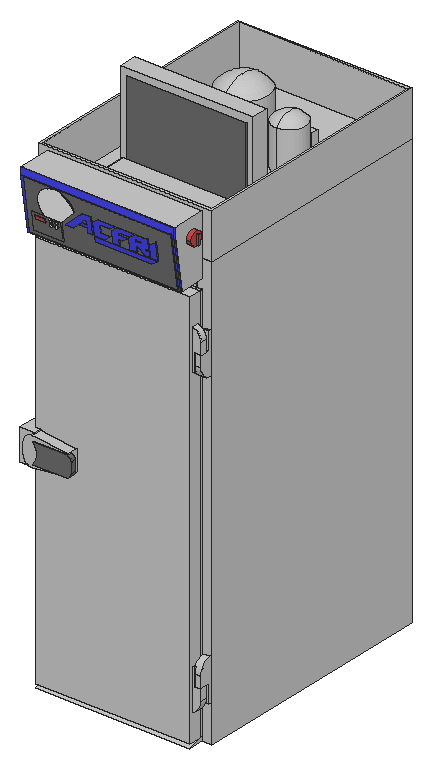
Revit family "QF_ACFRI_AR80-HRUC_AR80-HRUC_CU-RL.190709093255", category Specialty Equipment, Revit 2016
Family settings
  Part Type = Normal
  Round Connector Dimension = Use Diameter
  OmniClass Number = 23.40.40.14
  OmniClass Title = Food Service Equipment
  Work Plane-Based = No
  Always vertical = Yes
  Cut with Voids When Loaded = No
  Shared = No
  Room Calculation Point = No
Parameters (values of type "AR80-HRUC_400V/0Ph/50Hz")
  URL catalogue = ""
  URL = "www.acfri.com"
  Type de Raccord Electrique [instance] = ""
  Type article [instance] = ""
  Tension_AR80-HRUC_CU-RL [instance] = 400 V
  Tension = 400 V
  Status [instance] = ""
  Spécification technique = ""
  Spécification du Fabricant [instance] = ""
  Spécification de l'Utilisateur [instance] = ""
  SMACNA No spécifique pour les matériaux  Etats Unis = ""
  Quantité par lot [instance] = no
  Puissance électrique  = 5635 W
  Puissance en CV = ""
  Puissance Apparente = 5635 VA
  Protection de l'Appareil = 0 A
  Profondeur hors tout = 1145 mm
  Poids net à vide = 0.00 kg
  Phase = 1
  Numéro de Série = ""
  Nombres de Pôles_AR80-HRUC_CU-RL [instance] = 1
  Nombres de Pôles = 1
  Nombre d'identification NAFEM = ""
  Model = "AR80-HRUC"
  Manufacturer = "ACFRI"
  Longueur hors tout = 795 mm
  Intensité nominale courant electrique = 15 A
  Installé Par [instance] = ""
  Identifiant Equipement [instance] = no
  Hauteur hors tout = 2360 mm
  Hauteur de Raccordement du Sol Finis [instance] = 50 mm
  Hauteur de Raccordement du Sol Brut [instance] = 0 mm
  Fréquence = 50 Hz
  Fournis Par [instance] = ""
  Description = "CELLULE SÉRIE COMPACT À CHARIOT REFROIDISSEMENT RAPIDE, GROUPE À AIR BASIC MONTÉ"
  Câble de connexion à l'appareil inclus = no
  Cost = 0
  Consommation d'énergie minimale = 0 A
  Connexion prise électrique  = ""
  Code de Révision [instance] = ""
  Classification dans le projet = ""
  Classement sismique = ""
  Accessoires = no
Reference planes
  plane 1 "Centre (avant/arrière)": y = 0
  plane 2: z = 0
  plane 3 "Centre (gauche/droite)": x = 0
Forms (mm)
  Extrusion 1, solid, not visible
    sketch origin (49, -2, 49) x (1, 0, 0) y (0, 1, 0)
      loop
        line (0, 0) -> (2, 0) -> (2, 2) -> (0, 2) -> (0, 0)
    from 0 to 2
  Extrusion 2, solid, not visible
    sketch origin (-1, -2, -1) x (1, 0, 0) y (0, 1, 0)
      loop
        line (0, 0) -> (2, 0) -> (2, 2) -> (0, 2) -> (0, 0)
    from 0 to 2
Dimensions and locks
  aligned and locked: level to plane 2
Nested families
  nested 1: "QF_ACFRI_AR80-HRUC_400V_0Ph_50Hz" at (0, 0, 0), type "AR80-HRUC_400V/0Ph/50Hz"
    with Show Logo yes, Show Clearance yes
  nested 2: "QF_ACFRI_AR80-HRUC_DOOR_RX" at (0, 0, 0), type "AR80-HRUC_DOOR_RX"
    with Show Logo yes, Show Clearance yes
  nested 3: "QF_ACFRI_AR80-HRUC_COVER" at (0, 0, 0), type "AR80-HRUC_COVER"
    with Show Logo yes, Show Clearance yes
  nested 4: "QF_ACFRI_AR80-HRUC_CU-RL_400V_0Ph_50Hz" at (0, 0, 0), type "AR80-HRUC_CU-RL_400V/0Ph/50Hz"
    with Show Logo yes, Show Clearance yes
Connectors
  electrical at (50, 0, 50), driven by "Puissance Apparente", driven by "Nombres de Pôles", driven by "Tension"
    settings: on Extrusion 1, index 1, voltage 400 V, apparent load 0 VA, apparent load phase1 5635 VA, apparent load phase2 0 VA, apparent load phase3 0 VA, power factor 1, load classification "Other", number of poles 1, system type 31, power factor state 1, is connector primary yes, connector utility no, sub classification motor no, connector description "Electric connection for 'AR80-HRUC'"
  electrical at (0, 0, 0), driven by "Nombres de Pôles_AR80-HRUC_CU-RL", driven by "Tension_AR80-HRUC_CU-RL"
    settings: on Extrusion 2, index 2, voltage 400 V, apparent load 0 VA, apparent load phase1 0 VA, apparent load phase2 0 VA, apparent load phase3 0 VA, power factor 1, load classification "Other", number of poles 1, system type 31, power factor state 1, is connector primary no, connector utility no, sub classification motor no, connector description "Electric connection for 'AR80-HRUC_CU-RL'"
Definition of nested family "QF_ACFRI_AR80-HRUC_400V_0Ph_50Hz"
  Parameters (values of type "AR80-HRUC_400V/0Ph/50Hz")
    URL = "www.acfri.com"
    Show Logo [instance] = yes
    Show Clearance [instance] = yes
    Model = "AR80-HRUC"
    Manufacturer = "ACFRI"
    Description = "ROLL-IN, COMPACT SERIES BLAST CHILLING, BASIC AIR-COOLED CONDENSING UNIT"
    Assembly Code = "E1090320"
  Reference planes
    plane 1 "Back": y = 0
    plane 2: z = 0
    plane 3 "Left": x = 0
    plane 4 "Right": x = 795
    plane 5 "Front": y = -1145
    plane 6 "Top": z = 2181.771
  Forms (mm)
    Extrusion 1, solid
      sketch origin (0, 0, -150) x (0, 1, 0) y (0, 0, 1)
        loop
          line (0, 2137.146) -> (-1145, 2137.146) -> (-1145, 150) -> (0, 150) -> (0, 2137.146)
      from 0 to 69.921
    Extrusion 2, solid
      sketch origin (32.596, -444.562, 282.298) x (0, 1, 0) y (0, 0, 1)
        loop
          line (-860.438, 1899.473) -> (-860.438, 1866.552) -> (-820.062, 1616.095) -> (-700.438, 1616.095) -> (-700.438, 1899.473) -> (-860.438, 1899.473)
      from 11.843 to 717.965
    Extrusion 3, solid
      sketch origin (0, -444.562, -150) x (1, 0, 0) y (0, 0, 1)
        loop
          line (44.439, 2007.452) -> (44.439, 167.649) -> (750.561, 167.649) -> (750.561, 2007.452) -> (44.439, 2007.452)
        loop
          line (69.921, 1982.146) -> (69.921, 187.955) -> (725.079, 187.955) -> (725.079, 1982.146) -> (69.921, 1982.146)
      from 700.438 to 711.223
    Extrusion 4, solid
      sketch origin (733.08, 0, -150) x (0, 1, 0) y (0, 0, 1)
        loop
          line (0, 2137.146) -> (-1145, 2137.146) -> (-1145, 150) -> (0, 150) -> (0, 2137.146)
      from -8.08 to 61.92
    Extrusion 5, solid
      sketch origin (0, 0, -150) x (0, 1, 0) y (0, 0, 1)
        loop
          line (-1145, 2137.146) -> (-1145, 1982.146) -> (-1074.745, 1982.146) -> (-1074.745, 2052.146) -> (-68.458, 2052.146) -> (-68.458, 167) -> (-1145, 167) -> (-1145, 150) -> (0, 150) -> (0, 2137.146) -> (-1145, 2137.146)
      from 69.921 to 725.079
    Extrusion 6, solid
      sketch origin (32.596, -444.562, 282.298) x (0, 1, 0) y (0, 0, 1)
        loop
          circle (-764.498, 1820.753) r 30.24
      from 717.965 to 742.404
    Extrusion 7, solid
      sketch origin (32.596, -444.562, 282.298) x (0, 1, 0) y (0, 0, 1)
        loop
          line (-759.416, 1843.51) -> (-767.3, 1843.902) -> (-769.581, 1797.996) -> (-761.696, 1797.604) -> (-759.416, 1843.51)
      from 742.404 to 757.404
    Extrusion 8, solid
      sketch origin (32.596, -444.562, 282.298) x (0, 1, 0) y (0, 0, 1)
        loop
          line (-860.438, 1866.552) -> (-862.464, 1866.552) -> (-823.174, 1622.834) -> (-821.149, 1622.834) -> (-860.438, 1866.552)
      from 26.504 to 703.304
    Extrusion 9, solid
      sketch origin (32.596, -444.562, 282.298) x (0, 1, 0) y (0, 0, 1)
        loop
          line (-859.438, 1899.473) -> (-861.438, 1899.473) -> (-861.438, 1866.392) -> (-821.088, 1616.095) -> (-819.062, 1616.095) -> (-859.438, 1866.552) -> (-859.438, 1899.473)
      from 11.843 to 717.965
    Extrusion 10, solid
      sketch origin (-13.554, -1211.341, 1555.306) x (1, 0, 0) y (0, -0.159156, 0.987253)
        loop
          line (93.554, 456.477) -> (93.554, 370.438) -> (228.354, 370.438) -> (228.354, 456.477) -> (93.554, 456.477)
      from 0 to 2
    Extrusion 11, solid
      sketch origin (-13.554, -1211.341, 1555.306) x (1, 0, 0) y (0, -0.159156, 0.987253)
        loop
          line (108.554, 446.477) -> (108.554, 426.477) -> (153.209, 426.477) -> (153.209, 446.477) -> (108.554, 446.477)
      from 0 to 2.5
    Extrusion 12, solid
      sketch origin (-13.554, -1211.341, 1555.306) x (1, 0, 0) y (0, -0.159156, 0.987253)
        loop
          circle (180.595, 446.477) r 7.041
        loop
          circle (205.595, 446.477) r 6.977
        loop
          circle (180.595, 426.477) r 6.969
        loop
          circle (205.595, 426.477) r 6.966
      from 0 to 2.5
    Extrusion 13, solid, visible <- "Show Logo"
      sketch origin (85.105, -1224.491, 1643.163) x (1, 0, 0) y (0, -0.159156, 0.987253)
        loop
          line (129.695, 367.647) -> (196.524, 434.476)
          arc (196.524, 434.476) -> (78.635, 500.079) -> (52.881, 367.647) r 83.333
          line (52.881, 367.647) -> (129.695, 367.647)
      from 0 to 2.5
    Extrusion 14, solid, visible <- "Show Logo"
      sketch origin (-79.934, -1224.491, 1643.163) x (1, 0, 0) y (0, -0.159156, 0.987253)
        loop
          line (318.631, 367.647) -> (353.299, 367.647) -> (418.664, 433.012) -> (418.664, 406.346) -> (398.768, 406.346) -> (383.537, 391.115) -> (418.664, 391.115) -> (418.664, 367.647) -> (441.167, 367.647) -> (441.167, 447.647) -> (398.631, 447.647) -> (318.631, 367.647)
        loop
          line (448.944, 367.647) -> (493.774, 367.647) -> (521.549, 389.347) -> (479.182, 389.347) -> (479.182, 425.709) -> (524.998, 425.709) -> (553.077, 447.647) -> (475.047, 447.647) -> (448.944, 427.254) -> (448.944, 367.647)
        loop
          line (532.515, 367.647) -> (565.319, 367.647) -> (565.319, 394.314) -> (583.754, 394.314) -> (607.252, 414.031) -> (565.319, 414.031) -> (565.319, 425.49) -> (611.115, 425.49) -> (639.475, 447.647) -> (562.906, 447.647) -> (532.515, 422.146) -> (532.515, 367.647)
        loop
          line (611.712, 367.647) -> (644.318, 367.647) -> (644.318, 395.695) -> (682.923, 367.647) -> (702.113, 367.647) -> (702.113, 386.053) -> (689.341, 396.77) -> (702.113, 406.748) -> (702.113, 447.647) -> (647.314, 447.647) -> (611.712, 417.774) -> (611.712, 367.647)
        loop
          line (644.318, 425.49) -> (644.318, 414.031) -> (672.553, 414.031) -> (672.553, 425.49) -> (644.318, 425.49)
        loop
          line (708.789, 367.647) -> (739.436, 367.647) -> (739.436, 447.647) -> (708.789, 423.703) -> (708.789, 367.647)
        loop
          line (448.944, 360.305) -> (448.944, 337.873) -> (706.045, 337.873) -> (739.301, 360.305) -> (448.944, 360.305)
      from 0 to 2.5
    Extrusion 15, solid
      sketch origin (0, 5, 0) x (1, 0, 0) y (0, 0, 1)
        loop
          circle (50, 50) r 5
      from 0 to 5
    Extrusion 16, solid
      sketch origin (0, -160, 0) x (0, 1, 0) y (0, 0, 1)
        loop
          line (-985, 0) -> (-985, 17) -> (-1055, 0) -> (-985, 0)
      from 44.439 to 750.561
  Lines and regions (mm)
    symbolic lines
      curve 1: line (0, 0, 0) -> (795, 0, 0)
      curve 2: line (0, -1145, 0) -> (0, 0, 0)
      curve 3: line (795, -1145, 0) -> (0, -1145, 0)
      curve 4: line (795, 0, 0) -> (795, -1145, 0)
      curve 5: line (44.439, -1145, 0) -> (44.439, -1305, 0)
      curve 6: line (44.439, -1305, 0) -> (750.561, -1305, 0)
      curve 7: line (750.561, -1305, 0) -> (750.561, -1145, 0)
      curve 8: line (775, -1178.82, 0) -> (750.561, -1178.82, 0)
      curve 9: line (775, -1178.82, 0) -> (775, -1239.3, 0)
      curve 10: line (775, -1239.3, 0) -> (750.561, -1239.3, 0)
      curve 11: line (790, -1214.142, 0) -> (790, -1203.977, 0)
      curve 12: line (790, -1203.977, 0) -> (775, -1203.977, 0)
      curve 13: line (790, -1214.142, 0) -> (775, -1214.142, 0)
  Dimensions and locks
    plane 3 "Left" to plane 4 "Right" = 795 mm
    plane 5 "Front" to plane 1 "Back" = 1145 mm
    plane 6 "Top" to level = 2181.771 mm
    aligned and locked: level to plane 2
  Connectors
    electrical at (50, 5, 50)
      settings: on Extrusion 15, index 1, voltage 0 V, apparent load 0 VA, apparent load phase1 0 VA, apparent load phase2 0 VA, apparent load phase3 0 VA, power factor 1, load classification none, number of poles 1, system type 31, power factor state 1, is connector primary yes, connector utility no, sub classification motor no, connector description "Electrical connection"
Definition of nested family "QF_ACFRI_AR80-HRUC_DOOR_RX"
  Parameters (values of type "AR80-HRUC_DOOR_RX")
    URL catalogue [instance] = ""
    URL = "www.acfri.com"
    Status [instance] = ""
    Spécification technique [instance] = ""
    Spécification du Fabricant [instance] = ""
    Spécification de l'Utilisateur [instance] = ""
    Show Logo [instance] = yes
    Show Clearance [instance] = yes
    SMACNA No spécifique pour les matériaux  Etats Unis [instance] = ""
    Quantité par lot [instance] = no
    Profondeur hors tout [instance] = 60 mm
    Poids net à vide [instance] = 0.00 kg
    Numéro de Série [instance] = ""
    Nombre d'identification NAFEM [instance] = ""
    Model = "AR80-HRUC_DOOR_RX"
    Manufacturer = "ACFRI"
    Longueur hors tout [instance] = 706 mm
    Installé Par [instance] = ""
    Identifiant Equipement [instance] = no
    Hauteur hors tout [instance] = 1840 mm
    Fournis Par [instance] = ""
    Description = "PORTE AVEC OUVERTURE DROITE"
    Cost = 0
    Code de Révision [instance] = ""
    Classification dans le projet [instance] = ""
    Classement sismique [instance] = ""
    Assembly Code = "E1090320"
    Accessoires [instance] = yes
  Reference planes
    plane 1 "Back": y = 0
    plane 2: z = 0
    plane 3 "Left": x = 0
    plane 4 "Right": x = 795
    plane 5 "Front": y = -1145
    plane 6 "Top": z = 2360
  Forms (mm)
    Extrusion 1, solid
      sketch origin (0, -160, 0) x (1, 0, 0) y (0, 0, 1)
        loop
          line (44.439, 1857.452) -> (44.439, 17.649) -> (750.561, 17.649) -> (750.561, 1857.452) -> (44.439, 1857.452)
      from 995.785 to 1055.785
    Extrusion 2, solid
      sketch origin (116.532, -160, 0) x (1, 0, 0) y (0, 0, 1)
        loop
          line (113.468, 1049.125) -> (-48.815, 1069.051)
          arc (-48.815, 1069.051) -> (-79.244, 1056.446) -> (-91.848, 1026.017) r 43.033
          line (-91.848, 1026.017) -> (-91.848, 978.102)
          arc (-91.848, 978.102) -> (-79.244, 947.673) -> (-48.815, 935.069) r 43.033
          line (-48.815, 935.069) -> (113.468, 954.995) -> (113.468, 1049.125)
      from 1055.785 to 1105.372
    Extrusion 3, solid
      sketch origin (116.532, -1271.785, 0) x (1, 0, 0) y (0, 0, 1)
        loop
          arc (134.453, 1025.73) -> (127.816, 1041.753) -> (111.793, 1048.39) r 22.66
          line (111.793, 1048.39) -> (-40.547, 1048.39)
          arc (-40.547, 1048.39) -> (-24.991, 1002.06) -> (-40.547, 955.73) r 76.77
          line (-40.547, 955.73) -> (111.793, 955.73)
          arc (111.793, 955.73) -> (127.816, 962.367) -> (134.453, 978.39) r 22.66
          line (134.453, 978.39) -> (134.453, 1025.73)
      from -19.846 to 0.154
    Extrusion 4, solid
      sketch origin (3.698, 30, 0) x (0, 1, 0) y (0, 0, 1)
        loop
          line (-1175, 1703.284) -> (-1185, 1703.284) -> (-1185, 1623.308) -> (-1233.008, 1623.308) -> (-1233.008, 1571.46)
          arc (-1233.008, 1571.46) -> (-1216.018, 1530.442) -> (-1175, 1513.452) r 58.008
          line (-1175, 1513.452) -> (-1175, 1703.284)
      from 756.862 to 786.362
    Extrusion 5, solid
      sketch origin (-424.439, -1959.87, 3246.615) x (-1, 0, 0) y (0, 0, 1)
        loop
          line (-1175, -1703.284) -> (-1175, -1516.484)
          arc (-1175, -1516.484) -> (-1203.601, -1537.613) -> (-1214.5, -1571.46) r 58.008
          line (-1214.5, -1571.46) -> (-1214.5, -1623.308) -> (-1185, -1623.308) -> (-1185, -1703.284) -> (-1175, -1703.284)
      from 756.862 to 786.362
    Extrusion 6, solid
      sketch origin (3.698, 30, 1875.101) x (0, 1, 0) y (0, 0, 1)
        loop
          line (-1175, -1703.284) -> (-1175, -1513.452)
          arc (-1175, -1513.452) -> (-1216.018, -1530.442) -> (-1233.008, -1571.46) r 58.008
          line (-1233.008, -1571.46) -> (-1233.008, -1623.308) -> (-1185, -1623.308) -> (-1185, -1703.284) -> (-1175, -1703.284)
      from 756.862 to 786.362
    Extrusion 7, solid
      sketch origin (-424.439, -1959.87, -1371.514) x (-1, 0, 0) y (0, 0, 1)
        loop
          line (-1175, 1703.284) -> (-1185, 1703.284) -> (-1185, 1623.308) -> (-1214.5, 1623.308) -> (-1214.5, 1571.46)
          arc (-1214.5, 1571.46) -> (-1203.601, 1537.613) -> (-1175, 1516.484) r 58.008
          line (-1175, 1516.484) -> (-1175, 1703.284)
      from 756.862 to 786.362
    Extrusion 8, solid
      sketch origin (0, -160, 0) x (1, 0, 0) y (0, 0, 1)
        loop
          line (67.717, 1069.051) -> (67.717, 1074.051) -> (0, 1074.051) -> (0, 930.069) -> (67.717, 930.069) -> (67.717, 935.069)
          arc (67.717, 935.069) -> (37.288, 947.673) -> (24.684, 978.102) r 43.033
          line (24.684, 978.102) -> (24.684, 1026.017)
          arc (24.684, 1026.017) -> (37.288, 1056.446) -> (67.717, 1069.051) r 43.033
      from 985 to 1091.939
    Extrusion 9, solid, visible <- "Show Clearance", detail levels coarse
      sketch origin (0, -160, 0) x (1, 0, 0) y (0, 1, 0)
        loop
          line (750.561, -1055.785) -> (44.439, -1055.785)
          arc (44.439, -1055.785) -> (230.477, -1533.404) -> (690.561, -1759.352) r 706.121
          line (690.561, -1759.352) -> (750.561, -1759.352) -> (750.561, -1055.785)
      from 17.649 to 1857.452
  Lines and regions (mm)
    symbolic lines, visible <- "Show Clearance"
      curve 1: line (750.561, -1919.352, 0) -> (750.561, -1305, 0)
      curve 2: line (690.561, -1919.352, 0) -> (750.561, -1919.352, 0)
      curve 3: line (690.561, -1919.352, 0) -> (690.561, -1305, 0)
      curve 4: arc (50.098, -1305, 0) -> (261.753, -1725.367, 0) -> (690.561, -1919.352, 0) r 706.121
  Dimensions and locks
    plane 3 "Left" to plane 4 "Right" = 795 mm
    plane 5 "Front" to plane 1 "Back" = 1145 mm
    plane 6 "Top" to level = 2360 mm
    aligned and locked: level to plane 2
Definition of nested family "QF_ACFRI_AR80-HRUC_COVER"
  Parameters (values of type "AR80-HRUC_COVER")
    URL catalogue [instance] = ""
    URL = "www.acfri.com"
    Status [instance] = ""
    Spécification technique [instance] = ""
    Spécification du Fabricant [instance] = ""
    Spécification de l'Utilisateur [instance] = ""
    Show Logo [instance] = yes
    Show Clearance [instance] = yes
    SMACNA No spécifique pour les matériaux  Etats Unis [instance] = ""
    Quantité par lot [instance] = no
    Profondeur hors tout [instance] = 985 mm
    Poids net à vide [instance] = 0.00 kg
    Numéro de Série [instance] = ""
    Nombre d'identification NAFEM [instance] = ""
    Model = "AR80-HRUC_COVER"
    Manufacturer = "ACFRI"
    Longueur hors tout [instance] = 795 mm
    Installé Par [instance] = ""
    Identifiant Equipement [instance] = no
    Hauteur hors tout [instance] = 163 mm
    Fournis Par [instance] = ""
    Description = "COUVERCLE STANDARD"
    Cost = 0
    Code de Révision [instance] = ""
    Classification dans le projet [instance] = ""
    Classement sismique [instance] = ""
    Assembly Code = "E1090320"
    Accessoires [instance] = yes
  Reference planes
    plane 1 "Back": y = 0
    plane 2: z = 0
    plane 3 "Left": x = 0
    plane 4 "Right": x = 795
    plane 5 "Front": y = -1145
    plane 6 "Top": z = 2197
  Forms (mm)
    Extrusion 1, solid
      sketch origin (0, 0, 363.091) x (1, 0, 0) y (0, 1, 0)
        loop
          line (0, 0) -> (0, -1145) -> (795, -1145) -> (795, 0) -> (0, 0)
        loop
          line (10, -10) -> (10, -1135) -> (785, -1135) -> (785, -10) -> (10, -10)
      from 1624.055 to 1833.909
  Lines and regions (mm)
    symbolic lines
      curve 1: line (0, 0, 0) -> (795, 0, 0)
      curve 2: line (0, -1145, 0) -> (0, 0, 0)
      curve 3: line (795, -1145, 0) -> (0, -1145, 0)
      curve 4: line (795, 0, 0) -> (795, -1145, 0)
      curve 5: line (10, -10, 0) -> (785, -10, 0)
      curve 6: line (10, -1135, 0) -> (10, -10, 0)
      curve 7: line (785, -1135, 0) -> (10, -1135, 0)
      curve 8: line (785, -10, 0) -> (785, -1135, 0)
  Dimensions and locks
    plane 3 "Left" to plane 4 "Right" = 795 mm
    plane 5 "Front" to plane 1 "Back" = 1145 mm
    plane 6 "Top" to level = 2197 mm
    aligned and locked: level to plane 2
Definition of nested family "QF_ACFRI_AR80-HRUC_CU-RL_400V_0Ph_50Hz"
  Parameters (values of type "AR80-HRUC_CU-RL_400V/0Ph/50Hz")
    URL catalogue [instance] = ""
    URL = "www.acfri.com"
    Type de Raccord Electrique [instance] = ""
    Tension [instance] = 400 V
    Status [instance] = ""
    Spécification technique [instance] = ""
    Spécification du Fabricant [instance] = ""
    Spécification de l'Utilisateur [instance] = ""
    Show Logo [instance] = yes
    Show Clearance [instance] = yes
    SMACNA No spécifique pour les matériaux  Etats Unis [instance] = ""
    Quantité par lot [instance] = no
    Puissance en CV [instance] = ""
    Protection de l'Appareil [instance] = 0 A
    Profondeur hors tout [instance] = 985 mm
    Poids net à vide [instance] = 0.00 kg
    Numéro de Série [instance] = ""
    Nombres de Pôles [instance] = 1
    Nombre d'identification NAFEM [instance] = ""
    Model = "AR80-HRUC_CU-RL"
    Manufacturer = "ACFRI"
    Longueur hors tout [instance] = 795 mm
    Intensité nominale courant electrique [instance] = 19.5 A
    Installé Par [instance] = ""
    Identifiant Equipement [instance] = no
    Hauteur hors tout [instance] = 373 mm
    Hauteur de Raccordement du Sol Brut [instance] = 0 mm
    Fréquence [instance] = 50 Hz
    Fournis Par [instance] = ""
    Description = "GROUPE À AIR LOGÉ"
    Câble de connexion à l'appareil inclus [instance] = no
    Cost = 0
    Consommation d'énergie minimale [instance] = 0 A
    Connexion prise électrique  [instance] = ""
    Code de Révision [instance] = ""
    Classification dans le projet [instance] = ""
    Classement sismique [instance] = ""
    Assembly Code = "E1090320"
    Accessoires [instance] = yes
  Reference planes
    plane 1 "Back": y = 0
    plane 2: z = 0
    plane 3 "Left": x = 0
    plane 4 "Right": x = 795
    plane 5 "Front": y = -1145
    plane 6 "Top": z = 2360
  Forms (mm)
    Extrusion 1, solid
      sketch origin (0, -149.562, 280) x (1, 0, 0) y (0, 1, 0)
        loop
          line (60.103, -518.881) -> (60.103, -599.003) -> (663.626, -599.003) -> (663.626, -518.881) -> (60.103, -518.881)
      from 1707.146 to 2080
    Revolve 2, solid
      sketch origin (360.151, -149.562, 280) x (0, 1, 0) y (0, 0, 1)
        loop
          arc (-269.818, 2012.68) -> (-332.29, 1997.64) -> (-381.072, 1955.814) r 137.263
          line (-381.072, 1955.814) -> (-381.072, 1707.146) -> (-269.818, 1707.146) -> (-269.818, 2012.68)
        axis (-269.818, 2012.68) -> (-269.818, 1707.146)
      angle from 0 to 360
    Revolve 3, solid
      sketch origin (575, -149.562, 280) x (0, 1, 0) y (0, 0, 1)
        loop
          arc (-275.51, 1933.81) -> (-317.188, 1923.745) -> (-349.68, 1895.769) r 91.325
          line (-349.68, 1895.769) -> (-349.68, 1707.146) -> (-275.51, 1707.146) -> (-275.51, 1933.81)
        axis (-275.51, 1933.81) -> (-275.51, 1707.146)
      angle from 0 to 360
    Extrusion 4, solid
      sketch origin (29.776, -102.355, 363.091) x (0.98789, -0.155155, 0) y (0.155155, 0.98789, 0)
        loop
          line (304.239, -149.393) -> (271.196, -180.519) -> (283.977, -197.898) -> (317.02, -166.772) -> (304.239, -149.393)
      from 1704.556 to 1759.473
    Extrusion 5, solid
      sketch origin (0, -149.562, 363.091) x (0, 1, 0) y (0, 0, 1)
        loop
          line (-158.204, 1732.155) -> (-188.702, 1732.155) -> (-188.702, 1635.394) -> (-185.136, 1635.394) -> (-185.136, 1675.065) -> (-158.204, 1675.065) -> (-158.204, 1732.155)
      from 538.186 to 609.829
    Extrusion 6, solid
      sketch origin (0, -149.562, 280) x (1, 0, 0) y (0, 0, 1)
        loop
          circle (362.306, 1878.335) r 137.9
        loop
          circle (362.306, 1878.335) r 127.9
      from 498.316 to 518.881
    Extrusion 7, solid
      sketch origin (0, -748.564, 280) x (1, 0, 0) y (0, 0, 1)
        loop
          line (86.969, 2048.036) -> (86.969, 1707.146) -> (636.76, 1707.146) -> (636.76, 2048.036) -> (86.969, 2048.036)
      from 0 to 2
    Revolve 8, solid
      sketch origin (0, -149.562, 2158.335) x (1, 0, 0) y (0, 1, 0)
        loop
          line (362.306, -449.798) -> (362.306, -518.881) -> (379.954, -518.881) -> (379.954, -467.446)
          arc (379.954, -467.446) -> (374.785, -454.967) -> (362.306, -449.798) r 17.648
        axis (362.306, -449.798) -> (362.306, -518.881)
      angle from 0 to 360
    Extrusion 9, solid
      sketch origin (0, -150.338, 280) x (1, 0, 0) y (0, 0, 1)
        loop
          line (279.63, 1795.131) -> (312.396, 1772.188) -> (360.491, 1862.64) -> (348.178, 1871.261) -> (279.63, 1795.131)
        loop
          line (444.982, 1795.131) -> (376.434, 1871.261) -> (364.122, 1862.64) -> (412.216, 1772.188) -> (444.982, 1795.131)
        loop
          line (352.456, 1995.217) -> (356.031, 1892.836) -> (371.004, 1891.526) -> (392.303, 1991.731) -> (352.456, 1995.217)
        loop
          line (479.123, 1888.931) -> (468.77, 1927.568) -> (373.786, 1889.192) -> (377.676, 1874.673) -> (479.123, 1888.931)
        loop
          line (249.104, 1909.055) -> (346.534, 1877.398) -> (352.886, 1891.02) -> (266.009, 1945.307) -> (249.104, 1909.055)
      from 508.105 to 518.105
  Lines and regions (mm)
    symbolic lines
      curve 1: line (60.103, -668.443, 0) -> (663.626, -668.443, 0)
      curve 2: line (60.103, -748.564, 0) -> (60.103, -668.443, 0)
      curve 3: line (663.626, -748.564, 0) -> (60.103, -748.564, 0)
      curve 4: line (663.626, -668.443, 0) -> (663.626, -748.564, 0)
      curve 5: circle (360.151, -419.379, 0) r 111.254 normal (0, 0, -1)
      curve 6: circle (575, -425.072, 0) r 74.169 normal (0, 0, -1)
      curve 7: line (609.829, -307.766, 0) -> (538.186, -307.766, 0)
      curve 8: line (538.186, -307.766, 0) -> (538.186, -338.264, 0)
      curve 9: line (609.829, -338.264, 0) -> (609.829, -307.766, 0)
      curve 10: line (538.186, -338.264, 0) -> (609.829, -338.264, 0)
      curve 11: line (307.152, -297.144, 0) -> (269.679, -322.766, 0)
      curve 12: line (269.679, -322.766, 0) -> (279.849, -342.379, 0)
      curve 13: line (317.297, -316.71, 0) -> (307.152, -297.144, 0)
      curve 14: line (500.206, -647.878, 0) -> (224.406, -647.878, 0)
      curve 15: line (224.406, -647.878, 0) -> (224.406, -668.443, 0)
      curve 16: line (500.206, -647.878, 0) -> (500.206, -668.443, 0)
      curve 17: line (344.664, -617.038, 0) -> (344.664, -647.878, 0)
      curve 18: line (379.948, -617.038, 0) -> (379.948, -647.878, 0)
      curve 19: arc (344.664, -617.038, 0) -> (362.306, -599.396, 0) -> (379.948, -617.038, 0) r 17.642
  Dimensions and locks
    plane 3 "Left" to plane 4 "Right" = 795 mm
    plane 5 "Front" to plane 1 "Back" = 1145 mm
    plane 6 "Top" to level = 2360 mm
    aligned and locked: level to plane 2
